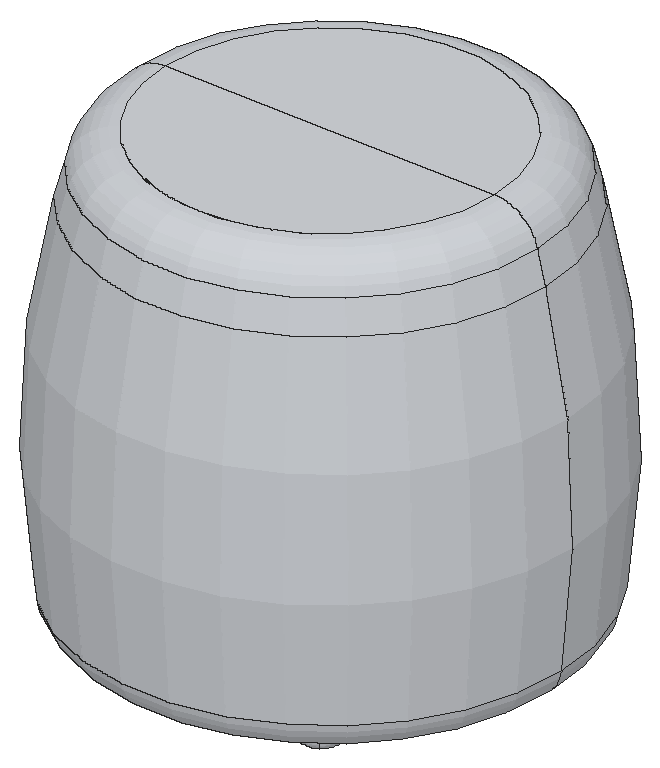
Revit family "BuzziSpace - BuzziKnit Pouf Round", category Furniture, Revit 2019
Family settings
  OmniClass Number = 23.40.20.00
  OmniClass Title = General Furniture and Specialties
  Work Plane-Based = No
  Always vertical = Yes
  Cut with Voids When Loaded = No
  Shared = No
  Room Calculation Point = No
Parameters (values of type "Pouf Round")
  Upholstery [instance] = none
  URL = "https://www.buzzi.space/acoustic-solutions/buzziknit-pouf-round"
  Model = "BuzziKnit Pouf Round"
  Manufacturer = "BuzziSpace"  # constant formula
  Bottom [instance] = none
Reference planes (in)
  plane 1 "Center Front/Back": y = 0
  plane 2: z = 0
  plane 3 "Center Left/Right": x = 0
  plane 4 "Mask": z = 19.52572
  plane 5: y = 10
  plane 6: x = -10
  plane 7: x = 10
  plane 8: y = -10
Forms (in)
  Revolve 1, solid, material <- "Bottom"
    sketch origin (0, 0, 0) x (1, 0, 0) y (0, 0, 1)
      loop
        line (-7.99213, 17.02572) -> (-7.99213, 1.71076) -> (-7.52026, 1.71076) -> (-7.52026, 1.31706) -> (-7.75484, 1.31706) -> (-7.75484, 1.15958) -> (-4.83618, 1.15958) -> (-4.83618, 1.23832) -> (-4.70889, 1.23832) -> (-4.70889, 1.15958) -> (0, 1.15958) -> (0, 17.02572) -> (-7.99213, 17.02572)
      axis (0, 17.02572) -> (0, 1.15958)
    angle from 0 to 360
  Revolve 2, solid, material <- "Bottom"
    sketch origin (0, 0, 0) x (0, 1, 0) y (0, 0, 1)
      loop
        line (7.36318, 1.15958) -> (6.45785, 1.15958) -> (6.45785, 1.08084) -> (6.66142, 1.08084) -> (6.74523, 0.24273)
        arc (6.74523, 0.24273) -> (6.76948, 0.19468) -> (6.81971, 0.17532) r 0.07485
        line (6.81971, 0.17532) -> (6.9685, 0.17532)
        arc (6.9685, 0.17532) -> (7.24758, 0.29092) -> (7.36318, 0.57) r 0.39468
        line (7.36318, 0.57) -> (7.36318, 1.15958)
      axis (6.45785, 1.15958) -> (6.45785, 0.17532)
    angle from 0 to 360
  Revolve 3, solid, material <- "Bottom"
    sketch origin (0, 0, 0) x (0.951057, 0.309017, 0) y (0, 0, 1)
      loop
        line (7.36318, 1.15958) -> (6.45785, 1.15958) -> (6.45785, 1.08084) -> (6.66142, 1.08084) -> (6.74523, 0.24273)
        arc (6.74523, 0.24273) -> (6.76948, 0.19468) -> (6.81971, 0.17532) r 0.07485
        line (6.81971, 0.17532) -> (6.9685, 0.17532)
        arc (6.9685, 0.17532) -> (7.24758, 0.29092) -> (7.36318, 0.57) r 0.39468
        line (7.36318, 0.57) -> (7.36318, 1.15958)
      axis (6.45785, 1.15958) -> (6.45785, 0.17532)
    angle from 0 to 360
  Revolve 4, solid, material <- "Bottom"
    sketch origin (0, 0, 0) x (-0.951057, 0.309017, 0) y (0, 0, 1)
      loop
        line (7.36318, 1.15958) -> (6.45785, 1.15958) -> (6.45785, 1.08084) -> (6.66142, 1.08084) -> (6.74523, 0.24273)
        arc (6.74523, 0.24273) -> (6.76948, 0.19468) -> (6.81971, 0.17532) r 0.07485
        line (6.81971, 0.17532) -> (6.9685, 0.17532)
        arc (6.9685, 0.17532) -> (7.24758, 0.29092) -> (7.36318, 0.57) r 0.39468
        line (7.36318, 0.57) -> (7.36318, 1.15958)
      axis (6.45785, 1.15958) -> (6.45785, 0.17532)
    angle from 0 to 360
  Revolve 5, solid, material <- "Bottom"
    sketch origin (0, 0, 0) x (-0.587785, -0.809017, 0) y (0, 0, 1)
      loop
        line (7.36318, 1.15958) -> (6.45785, 1.15958) -> (6.45785, 1.08084) -> (6.66142, 1.08084) -> (6.74523, 0.24273)
        arc (6.74523, 0.24273) -> (6.76948, 0.19468) -> (6.81971, 0.17532) r 0.07485
        line (6.81971, 0.17532) -> (6.9685, 0.17532)
        arc (6.9685, 0.17532) -> (7.24758, 0.29092) -> (7.36318, 0.57) r 0.39468
        line (7.36318, 0.57) -> (7.36318, 1.15958)
      axis (6.45785, 1.15958) -> (6.45785, 0.17532)
    angle from 0 to 360
  Revolve 6, solid, material <- "Bottom"
    sketch origin (0, 0, 0) x (0.587785, -0.809017, 0) y (0, 0, 1)
      loop
        line (7.36318, 1.15958) -> (6.45785, 1.15958) -> (6.45785, 1.08084) -> (6.66142, 1.08084) -> (6.74523, 0.24273)
        arc (6.74523, 0.24273) -> (6.76948, 0.19468) -> (6.81971, 0.17532) r 0.07485
        line (6.81971, 0.17532) -> (6.9685, 0.17532)
        arc (6.9685, 0.17532) -> (7.24758, 0.29092) -> (7.36318, 0.57) r 0.39468
        line (7.36318, 0.57) -> (7.36318, 1.15958)
      axis (6.45785, 1.15958) -> (6.45785, 0.17532)
    angle from 0 to 360
  Revolve 7, solid, material <- "Upholstery"
    sketch origin (0, 0, 0) x (1, 0, 0) y (0, 0, 1)
      loop
        line (0, 19.02572) -> (0, 17.02572) -> (7.99213, 17.02572) -> (7.99213, 1.09068)
        arc (7.99213, 1.09068) -> (9.01086, 1.46338) -> (9.54961, 2.40491) r 1.58102
        arc (9.54961, 2.40491) -> (9.98387, 9.43241) -> (8.90412, 16.39003) r 32.70901
        line (8.90412, 16.39003) -> (8.56444, 17.65774)
        arc (8.56444, 17.65774) -> (7.90523, 18.64432) -> (6.78165, 19.02572) r 1.84568
        line (6.78165, 19.02572) -> (0, 19.02572)
      axis (0, 19.02572) -> (0, 1.09068)
    angle from 0 to 360
Cuts and joins
  joined: Revolve 1, Revolve 2, Revolve 3, Revolve 4, Revolve 5, Revolve 6
Lines and regions (in)
  Masking region 1
    outline origin (0, 0, 19.52572) x (-1, 0, 0) y (0, -1, 0)
      loop
        circle (0, 0) r 10
Dimensions and locks (in)
  aligned and locked: level to plane 2
